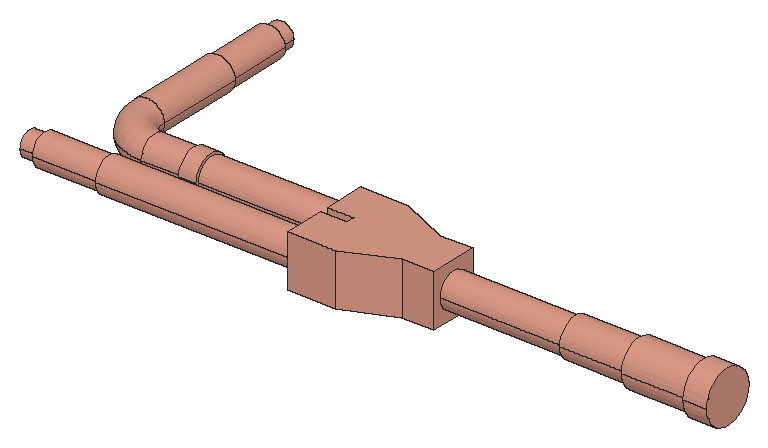
Revit family "outputfile", category 配管付属品, Revit 2024
Family settings
  丸型コネクタ寸法 = 半径を使用
  パーツ タイプ = 標準
  OmniClass 番号 = 23.65.55.00
  OmniClass タイトル = Distribution of Supplied Liquids/Gases
  作業面ベース = いいえ
  常に垂直 = はい
  ロード時にボイドで切り取り = いいえ
  共有 = いいえ
Parameters (values of type "BHFP22P100")
  Description = ""
  製造元 = "Daikin"
  書き出し IFC クラス(タイプ) = "IfcPipeFittingType"
  Default Elevation = 0.0 mm
  定義済み IFC タイプ(タイプ) = "JUNCTION"
  Cost = 0
  モデル = "BHFP22P100"
  Type Comments = ""
  Keynote = ""
  Type Image = (empty or 0)
  Assembly Code = ""
  table_PipeToCU_B [instance] = if(mm⇔inch, "Multi Module Kit_BHFP22P-_Liquid_PipeToCU_B", "Multi Module Kit_BHFP22P-_Liquid_PipeToCU_B_inch")  # "Multi Module Kit_BHFP22P-_Liquid_PipeToCU_B"
  table_PipeToCU_A [instance] = if(mm⇔inch, "Multi Module Kit_BHFP22P-_Liquid_PipeToCU_A", "Multi Module Kit_BHFP22P-_Liquid_PipeToCU_A_inch")  # "Multi Module Kit_BHFP22P-_Liquid_PipeToCU_A"
  table_ToMainPipe [instance] = if(mm⇔inch, "Multi Module Kit_BHFP22P-_Liquid_ToMainPipe", "Multi Module Kit_BHFP22P-_Liquid_ToMainPipe_inch")  # "Multi Module Kit_BHFP22P-_Liquid_ToMainPipe"
  switch_ToMainPipe3 [instance] = if(number_ToMainPipe < 3, 1 = 0, 1 = 1)  # yes
  switch_PipeToCU_B Reducer [instance] = if(and(Is_PipeToCU_B Reducer = 1, judge_IsOffsetPipe_ToOutdoorUnitB = 0), 1 = 1, 1 = 0)  # no
  switch_PipeToCU_B4 [instance] = if(number_PipeToCU_B < 4, 1 = 0, 1 = 1)  # no
  switch_PipeToCU_B3 [instance] = if(number_PipeToCU_B < 3, 1 = 0, 1 = 1)  # no
  switch_PipeToCU_B2 [instance] = if(number_PipeToCU_B < 2, 1 = 0, 1 = 1)  # yes
  switch_PipeToCU_A Reducer [instance] = if(Is_PipeToCU_A Reducer = 1, 1 = 1, 1 = 0)  # yes
  switch_ToMainPipe Reducer [instance] = if(Is_ToMainPipe Reducer = 1, 1 = 1, 1 = 0)  # no
  switch_ToMainPipe2 [instance] = if(number_ToMainPipe < 2, 1 = 0, 1 = 1)  # yes
  r_PipeToCU_B_ActualDiameter [instance] = PipeToCU_B_Liquid_ActualDiameter / 2  # 4.75 mm
  r_PipeToCU_A_ActualDiameter [instance] = PipeToCU_A_Liquid_ActualDiameter / 2  # 4.75 mm
  r_ToMainPipe_ActualDiameter [instance] = ToMainPipe_Liquid_ActualDiameter / 2  # 11.1 mm
  number_PipeToCU_B ReducerPipe [instance] = size_lookup(table_PipeToCU_B, "reducerPipeNumber", 0, モデル, judge_IsOffsetPipe_ToOutdoorUnitB, PipeToCU_B_Liquid_ActualDiameter)  # 0
  number_PipeToCU_B [instance] = size_lookup(table_PipeToCU_B, "pipeNumber", 2, モデル, judge_IsOffsetPipe_ToOutdoorUnitB, PipeToCU_B_Liquid_ActualDiameter)  # 2
  number_PipeToCU_A ReducerPipe [instance] = size_lookup(table_PipeToCU_A, "reducerPipeNumber", 3, モデル, PipeToCU_A_Liquid_ActualDiameter)  # 3
  number_ToMainPipe [instance] = size_lookup(table_ToMainPipe, "pipeNumber", 3, モデル, ToMainPipe_Liquid_ActualDiameter)  # 3
  mm⇔inch [instance] = yes
  l_ToMainPipe3 [instance] = size_lookup(table_ToMainPipe, "L_Pipe3", 11.0 mm, モデル)  # 11.0 mm
  judge_IsOffsetPipe_ToOutdoorUnitB [instance] = 0  # constant formula
  Unit Type = "BHFP22P-_Liquid"
  Uniclass2015Version = "Products v1.31"
  Uniclass2015Title = "Copper pipe fittings"
  Uniclass2015Code = "Pr_65_52_63_18"
  URL = ""
  ToMainPipe_Liquid_Status [instance] = size_lookup(table_ToMainPipe, "Information", "The connected pipe size is not available.", モデル, ToMainPipe_Liquid_ActualDiameter)  # "Default connector size is used."
  ToMainPipe_Liquid_ActualDiameter [instance] = 22.2 mm
  Tag No. [instance] = ""
  Series = "Multi Module kit"
  RotateBranchPipetoCU_A_80° [instance] = no
  PipeToCU_B_Liquid_Status [instance] = size_lookup(table_PipeToCU_B, "Information", "The connected pipe size is not available.", モデル, judge_IsOffsetPipe_ToOutdoorUnitB, PipeToCU_B_Liquid_ActualDiameter)  # "Default connector size is used."
  PipeToCU_B_Liquid_ActualDiameter [instance] = 9.5 mm
  PipeToCU_A_Liquid_Status [instance] = size_lookup(table_PipeToCU_A, "Information", "The connected pipe size is not available.", モデル, PipeToCU_A_Liquid_ActualDiameter)  # "Reducer is used at connector."
  PipeToCU_A_Liquid_ActualDiameter [instance] = 9.5 mm
  O.D_PipeToCU_B Reducer [instance] = size_lookup(table_PipeToCU_B, "O.D_reducer", 2.0 mm, モデル, judge_IsOffsetPipe_ToOutdoorUnitB, PipeToCU_B_Liquid_ActualDiameter)  # 2.0 mm
  Material_Piping = DAIKIN_Copper_Pipe
  Material_Insulation = DAIKIN_White_Insulation
  location_PipeToCU_A connector [instance] = size_lookup(table_PipeToCU_A, "Locationconnector", 107.0 mm, モデル, PipeToCU_A_Liquid_ActualDiameter)  # 107.0 mm
  l_PipeToCU_B connector [instance] = size_lookup(table_PipeToCU_B, "Length", 128.0 mm, モデル, judge_IsOffsetPipe_ToOutdoorUnitB, PipeToCU_B_Liquid_ActualDiameter)  # 128.0 mm
  l_PipeToCU_B Reducer [instance] = 80.0 mm  # constant formula
  l_PipeToCU_B4 [instance] = size_lookup(table_PipeToCU_B, "L_Pipe4", 2.0 mm, モデル)  # 2.0 mm
  l_PipeToCU_B3 [instance] = size_lookup(table_PipeToCU_B, "L_Pipe3", 2.0 mm, モデル)  # 2.0 mm
  l_PipeToCU_B2 [instance] = size_lookup(table_PipeToCU_B, "L_Pipe2", 7.0 mm, モデル)  # 7.0 mm
  l_PipeToCU_B1 [instance] = size_lookup(table_PipeToCU_B, "L_Pipe1", 30.0 mm, モデル)  # 30.0 mm
  l_PipeToCU_B0 [instance] = size_lookup(table_PipeToCU_B, "L_Pipe0", 91.0 mm, モデル)  # 91.0 mm
  l_PipeToCU_A connector [instance] = size_lookup(table_PipeToCU_A, "Length", 97.0 mm, モデル, PipeToCU_A_Liquid_ActualDiameter)  # 97.0 mm
  l_PipeToCU_A1 [instance] = size_lookup(table_PipeToCU_A, "L_Pipe1", 8.0 mm, モデル)  # 8.0 mm
  l_PipeToCU_A0 [instance] = size_lookup(table_PipeToCU_A, "L_Pipe0", 62.0 mm, モデル)  # 62.0 mm
  l_ToMainPipe connector [instance] = size_lookup(table_ToMainPipe, "Length", 128.0 mm, モデル, ToMainPipe_Liquid_ActualDiameter)  # 128.0 mm
  l_ToMainPipe Reducer [instance] = size_lookup(table_ToMainPipe, "L_Reducer", 2.0 mm, モデル, ToMainPipe_Liquid_ActualDiameter)  # 2.0 mm
  l_ToMainPipe2 [instance] = size_lookup(table_ToMainPipe, "L_Pipe2", 30.0 mm, モデル)  # 30.0 mm
  l_ToMainPipe1 [instance] = size_lookup(table_ToMainPipe, "L_Pipe1", 30.0 mm, モデル)  # 30.0 mm
  l_ToMainPipe0 [instance] = size_lookup(table_ToMainPipe, "L_Pipe0", 57.0 mm, モデル)  # 57.0 mm
  judge_JointType(1or2) = 2
  count_PipeToCU_B Reducer [instance] = 0  # constant formula
  count_PipeToCU_A Reducer [instance] = size_lookup(table_PipeToCU_A, "reducerCount", 1, モデル, PipeToCU_A_Liquid_ActualDiameter)  # 1
  angle_PipeToCU_A Pipe [instance] = if(RotateBranchPipetoCU_A_90°, 90.00°, if(RotateBranchPipetoCU_A_80°, 80.00°, 0.00°))  # 0.00°
  angle_PipeToCU_A Connector [instance] = angle_PipeToCU_A Pipe + 90.00°  # 90.00°
  PipeToCU_B_Liquid_AvailableDiameter [instance] = size_lookup(table_PipeToCU_B, "sizeVariation", "", モデル, judge_IsOffsetPipe_ToOutdoorUnitB)  # "9.5/12.7/15.9mm"
  PipeToCU_A_Liquid_AvailableDiameter [instance] = size_lookup(table_PipeToCU_A, "sizeVariation", "", モデル)  # "9.5/12.7/15.9mm"
  ToMainPipe_Liquid_AvailableDiameter [instance] = size_lookup(table_ToMainPipe, "sizeVariation", "", モデル)  # "9.5/12.7/15.9/19.1/22.2mm"
  RotateBranchPipetoCU_A_90° [instance] = no
  O.D_ToMainPipe Reducer [instance] = size_lookup(table_ToMainPipe, "O.D_reducer", 2.0 mm, モデル, ToMainPipe_Liquid_ActualDiameter)  # 2.0 mm
  Link_Nested Family [instance] = ""
  Is_PipeToCU_B Reducer [instance] = size_lookup(table_PipeToCU_B, "IsReducer", 0, モデル, judge_IsOffsetPipe_ToOutdoorUnitB, PipeToCU_B_Liquid_ActualDiameter)  # 0
  Is_PipeToCU_A Reducer [instance] = size_lookup(table_PipeToCU_A, "IsReducer", 1, モデル, PipeToCU_A_Liquid_ActualDiameter)  # 1
  Is_ToMainPipe Reducer [instance] = size_lookup(table_ToMainPipe, "IsReducer", 0, モデル, ToMainPipe_Liquid_ActualDiameter)  # 0
  IfcVersion = ""
  IfcExportType = "JUNCTION"
  IfcExportAs = "IfcPipeFittingType"
  I.D_ToMainPipe3 [instance] = size_lookup(table_ToMainPipe, "I.D_PipeSize3", 22.2 mm, モデル)  # 22.2 mm
  I.D_PipeToCU_B Reducer [instance] = size_lookup(table_PipeToCU_B, "I.D_reducer", 2.0 mm, モデル, judge_IsOffsetPipe_ToOutdoorUnitB, PipeToCU_B_Liquid_ActualDiameter)  # 2.0 mm
  Attach_Insulation [instance] = no
  I.D_PipeToCU_B4 [instance] = size_lookup(table_PipeToCU_B, "I.D_PipeSize4", 2.0 mm, モデル)  # 2.0 mm
  I.D_PipeToCU_B3 [instance] = size_lookup(table_PipeToCU_B, "I.D_PipeSize3", 2.0 mm, モデル)  # 2.0 mm
  I.D_PipeToCU_B2 [instance] = size_lookup(table_PipeToCU_B, "I.D_PipeSize2", 9.5 mm, モデル)  # 9.5 mm
  I.D_PipeToCU_B1 [instance] = size_lookup(table_PipeToCU_B, "I.D_PipeSize1", 12.7 mm, モデル)  # 12.7 mm
  I.D_PipeToCU_B0 [instance] = size_lookup(table_PipeToCU_B, "I.D_PipeSize0", 13.9 mm, モデル)  # 13.9 mm
  I.D_PipeToCU_A1 [instance] = 15.5 mm  # constant formula
  I.D_PipeToCU_A0 [instance] = 13.9 mm  # constant formula
  I.D_ToMainPipe Reducer [instance] = size_lookup(table_ToMainPipe, "I.D_reducer", 2.0 mm, モデル, ToMainPipe_Liquid_ActualDiameter)  # 2.0 mm
  I.D_ToMainPipe2 [instance] = size_lookup(table_ToMainPipe, "I.D_PipeSize2", 19.1 mm, モデル)  # 19.1 mm
  I.D_ToMainPipe1 [instance] = size_lookup(table_ToMainPipe, "I.D_PipeSize1", 15.9 mm, モデル)  # 15.9 mm
  I.D_ToMainPipe0 [instance] = size_lookup(table_ToMainPipe, "I.D_PipeSize0", 13.9 mm, モデル)  # 13.9 mm
Reference planes
  plane 1 "Center (Front/Back)": y = 0
  plane 2: z = 0
  plane 3 "pipe2": x = 225.65
  plane 4: x = 195.65
  plane 5: x = 165.65
  plane 6: x = 108.65
  plane 7: x = 48.65
  plane 8: x = -21.35
  plane 9: x = -42.35
  plane 10: x = -72.35
  plane 11: x = -79.35
  plane 12: x = -81.35
  plane 13: x = -83.35
  plane 14 "offset_center": y = 11.5
  plane 15: y = -11.5
  plane 16: x = -13.35
  plane 17: x = 158.65
  plane 18 "ToMainPipe_connector": x = 236.65
  plane 19 "connector_OutdoorunitA": x = -58.35
  plane 20 "connector_ToOutdoorUnitB": x = -104.35
  plane 21 "pipe3": x = 236.65
  plane 22 "connector_PipeToCU_B": x = -79.35
Forms (mm)
  Extrusion 1, solid, material "DAIKIN_Copper_Pipe" <- "Material_Piping"
    sketch origin (0, 0, 0) x (1, 0, 0) y (0, 1, 0)
      loop
        line (48.65, 1.998) -> (60.65, 1.998) -> (60.65, -1.998) -> (48.65, -1.998) -> (48.65, -21.2) -> (70.801, -21.2) -> (93.65, -11.3) -> (108.65, -11.3) -> (108.65, 11.3) -> (93.65, 11.3) -> (70.801, 21.2) -> (48.65, 21.2) -> (48.65, 1.998)
    from -12.2 to 12.2
Dimensions and locks
  locked: plane 6 to plane 17 at 50
  "l_PipeToCU_A1": plane 8 to plane 16
  "l_PipeToCU_B1": plane 10 to plane 9
  "l_PipeToCU_B2": plane 11 to plane 10
  "l_PipeToCU_B3": plane 12 to plane 11
  "l_PipeToCU_B4": plane 13 to plane 12
  locked: plane 7 to plane 6 at 60
  "l_ToMainPipe1": plane 5 to plane 4
  "l_ToMainPipe2": plane 4 to plane 3 "pipe2"
  "l_ToMainPipe0": plane 6 to plane 5
  "l_ToMainPipe connector": plane 6 to plane 18 "ToMainPipe_connector"
  plane 14 "offset_center" to plane 1 "Center (Front/Back)" to plane 15 = 11.5 mm locked, 11.5 mm locked
  locked: plane 1 "Center (Front/Back)" to Extrusion 1 sketch curve at 11.3  (x2)
  locked: Extrusion 1 sketch curve to plane 1 "Center (Front/Back)" at 21.2
  locked: plane 1 "Center (Front/Back)" to Extrusion 1 sketch curve at 21.2
  "l_PipeToCU_A0": plane 16 to plane 7
  "location_PipeToCU_A connector": plane 19 "connector_OutdoorunitA" to plane 7
  "l_PipeToCU_B0": plane 9 to plane 7
  "l_ToMainPipe3": plane 3 "pipe2" to plane 21 "pipe3"
  "l_PipeToCU_B connector": plane 22 "connector_PipeToCU_B" to plane 7
  aligned and locked: level to plane 2
  aligned and locked: plane 2 to nested 1
  aligned and locked: plane 1 "Center (Front/Back)" to nested 1
  aligned and locked: plane 3 "pipe2" to nested 1
  aligned and locked: plane 4 to nested 1
  aligned and locked: plane 4 to nested 2
  aligned and locked: plane 5 to nested 2
  aligned and locked: plane 5 to nested 3
  aligned and locked: plane 6 to nested 3
  aligned and locked: plane 6 to Extrusion 1
  aligned and locked: Extrusion 1 to plane 7  (x2)
  aligned and locked: plane 7 to nested 4
  aligned and locked: plane 8 to nested 5
  aligned and locked: plane 16 to nested 5
  aligned and locked: nested 5 to plane 14 "offset_center"
  aligned and locked: nested 6 to plane 15
  aligned and locked: plane 7 to nested 6
  aligned and locked: plane 9 to nested 6
  aligned and locked: plane 10 to nested 7
  aligned and locked: plane 9 to nested 7
  aligned and locked: plane 11 to nested 8
  aligned and locked: plane 10 to nested 8
  aligned and locked: plane 12 to nested 9
  aligned and locked: plane 11 to nested 9
  aligned and locked: plane 13 to nested 10
  aligned and locked: plane 12 to nested 10
  aligned and locked: nested 10 to plane 15
  aligned and locked: nested 9 to plane 15
  aligned and locked: nested 8 to plane 15
  aligned and locked: nested 7 to plane 15
  aligned and locked: plane 1 "Center (Front/Back)" to nested 11
  aligned and locked: plane 17 to nested 11
  aligned and locked: plane 16 to nested 4
  aligned and locked: nested 12 to plane 14 "offset_center"
  aligned and locked: plane 8 to nested 12
  aligned and locked: plane 1 "Center (Front/Back)" to nested 13
  aligned and locked: plane 18 "ToMainPipe_connector" to nested 13
  aligned and locked: plane 6 to nested 14
  aligned and locked: plane 1 "Center (Front/Back)" to nested 3
  aligned and locked: nested 15 to plane 7
  aligned and locked: nested 4 to plane 14 "offset_center"
  aligned and locked: plane 3 "pipe2" to nested 16
  aligned and locked: plane 21 "pipe3" to nested 16
  aligned and locked: nested 15 to plane 15
  aligned and locked: nested 17 to plane 22 "connector_PipeToCU_B"
  aligned and locked: plane 15 to nested 17
  aligned and locked: plane 14 "offset_center" to nested 18
  aligned and locked: nested 18 to plane 19 "connector_OutdoorunitA"
Automatic sketch dimensions
  Extrusion 1 sketch curve to plane 7 = 0.0 mm  (x2)
  Extrusion 1 sketch curve to plane 6 = 0.0 mm
  Extrusion 1 sketch curve to plane 1 "Center (Front/Back)" = 1.998 mm
  plane 7 to Extrusion 1 sketch curve = 12.0 mm
  Extrusion 1 sketch curve to Extrusion 1 sketch curve = 10.151 mm  (x2)
  Extrusion 1 sketch curve to Extrusion 1 sketch curve = 15.0 mm  (x2)
  plane 1 "Center (Front/Back)" to Extrusion 1 sketch curve = 1.998 mm
Nested families
  nested 1: "daikin_Pipe" at (210.65, 0, 0), I.D_Pipe <- "I.D_ToMainPipe2", display <- "switch_ToMainPipe2", type "*"
    with length_Pipe 30.0 mm, display yes, O.D_Pipe 21.1 mm, I.D_Pipe 19.1 mm
  nested 2: "daikin_Pipe" at (180.65, 0, 0), I.D_Pipe <- "I.D_ToMainPipe1", type "*"
    with length_Pipe 30.0 mm, display yes, O.D_Pipe 17.9 mm, I.D_Pipe 15.9 mm
  nested 3: "daikin_Pipe" at (137.15, 0, 0), I.D_Pipe <- "I.D_ToMainPipe0", type "*"
    with length_Pipe 57.0 mm, display yes, O.D_Pipe 15.9 mm, I.D_Pipe 13.9 mm
  nested 4: "daikin_Pipe" at (17.65, 11.5, 0), I.D_Pipe <- "I.D_PipeToCU_A0", type "*"
    with length_Pipe 62.0 mm, display yes, O.D_Pipe 15.9 mm, I.D_Pipe 13.9 mm
  nested 5: "daikin_Pipe" at (-17.35, 11.5, 0), I.D_Pipe <- "I.D_PipeToCU_A1", type "*"
    with length_Pipe 8.0 mm, display yes, O.D_Pipe 17.5 mm, I.D_Pipe 15.5 mm
  nested 6: "daikin_Pipe" at (3.15, -11.5, 0), I.D_Pipe <- "I.D_PipeToCU_B0", type "*"
    with length_Pipe 91.0 mm, display yes, O.D_Pipe 15.9 mm, I.D_Pipe 13.9 mm
  nested 7: "daikin_Pipe" at (-57.35, -11.5, 0), I.D_Pipe <- "I.D_PipeToCU_B1", type "*"
    with length_Pipe 30.0 mm, display yes, O.D_Pipe 14.7 mm, I.D_Pipe 12.7 mm
  nested 8: "daikin_Pipe" at (-75.85, -11.5, 0), I.D_Pipe <- "I.D_PipeToCU_B2", display <- "switch_PipeToCU_B2", type "*"
    with length_Pipe 7.0 mm, display yes, O.D_Pipe 11.5 mm, I.D_Pipe 9.5 mm
  nested 9: "daikin_Pipe" at (-80.35, -11.5, 0), display <- "switch_PipeToCU_B3", I.D_Pipe <- "I.D_PipeToCU_B3", visible <- "switch_PipeToCU_B3", type "*"
    with length_Pipe 2.0 mm, display no, O.D_Pipe 4.0 mm, I.D_Pipe 2.0 mm
  nested 10: "daikin_Pipe" at (-82.35, -11.5, 0), display <- "switch_PipeToCU_B4", I.D_Pipe <- "I.D_PipeToCU_B4", visible <- "switch_PipeToCU_B4", type "*"
    with length_Pipe 2.0 mm, display no, O.D_Pipe 4.0 mm, I.D_Pipe 2.0 mm
  nested 11: "daikin_MultiModeluKit_Insulation" at (158.65, 0, 0), display <- "Attach_Insulation", type "*"
    with h 54.2 mm, display no, I.D_Outlet PipeSize 22.2 mm
  nested 12: "daikin_Multi Module kit_Reducer90_rotate" at (-21.35, 11.5, 0), number_reducerPipe <- "number_PipeToCU_A ReducerPipe", angle_Pipe <- "angle_PipeToCU_A Pipe", I.D_Pipe <- "PipeToCU_A_Liquid_ActualDiameter", count_Reducer <- "count_PipeToCU_A Reducer", type "*"
    with number_reducerPipe 3, display_Pipe2 yes, display_Pipe1 yes, count_Reducer 1, angle_Pipe 0.00°, I.D_Pipe 9.5 mm
  nested 13: "daikin_Pipe_reducer" at (235.65, 0, 0), I.D_Pipe1 <- "I.D_ToMainPipe Reducer", O.D_Pipe2 <- "O.D_ToMainPipe Reducer", length_Pipe <- "l_ToMainPipe Reducer", display <- "switch_ToMainPipe Reducer", type "*"
    with length_Pipe 2.0 mm, display no, O.D_Pipe2 2.0 mm, O.D_Pipe1 4.0 mm, I.D_Pipe2 0.0 mm, I.D_Pipe1 2.0 mm
  nested 14: "daikin_connector_rotate3" at (108.65, 0, 0) x (0, 1, 0) z (0, 0, 1), length <- "l_ToMainPipe connector", type "daikin_connector_rotate3"
    with radius 10.0 mm, length 128.0 mm, angle_vertical 90.00°, angle_horizontal 0.00°, show_face no, show_circle no
  nested 15: "daikin_connector_rotate3" at (48.65, -11.5, 0) x (0, -1, 0) z (0, 0, 1), length <- "l_PipeToCU_B connector", type "daikin_connector_rotate3"
    with radius 10.0 mm, length 128.0 mm, angle_vertical 90.00°, angle_horizontal 0.00°, show_face no, show_circle no
  nested 16: "daikin_Pipe" at (231.15, 0, 0), display <- "switch_ToMainPipe3", I.D_Pipe <- "I.D_ToMainPipe3", type "*"
    with length_Pipe 11.0 mm, display yes, O.D_Pipe 24.2 mm, I.D_Pipe 22.2 mm
  nested 17: "daikin_Pipe_reducer" at (-39.35, -11.5, 0) x (-1, 0, 0) z (0, 0, 1), length_Pipe <- "l_PipeToCU_B Reducer", I.D_Pipe1 <- "I.D_PipeToCU_B Reducer", O.D_Pipe2 <- "O.D_PipeToCU_B Reducer", display <- "switch_PipeToCU_B Reducer", type "*"
    with length_Pipe 80.0 mm, display no, O.D_Pipe2 2.0 mm, O.D_Pipe1 4.0 mm, I.D_Pipe2 0.0 mm, I.D_Pipe1 2.0 mm
  nested 18: "daikin_connector_rotate3" at (-58.35, 11.5, 0) x (-1, 0, 0) z (0, 0, 1), angle_vertical <- "angle_PipeToCU_A Connector", length <- "l_PipeToCU_A connector", type "daikin_connector_rotate3"
    with radius 10.0 mm, length 97.0 mm, angle_vertical 90.00°, angle_horizontal 0.00°, show_face no, show_circle no
Connectors
  piping at (236.65, 0, 0), diameter 22.2, driven by "r_ToMainPipe_ActualDiameter"
    settings: on nested 14, index 1, connector inside diameter 609.6 mm, connector length 0.0 mm, flow factor 0, pipe flow 0.00 m³/h, pressure drop 0.0 Pa, fitting loss kfactor 0, connector angle 0.00°, fixture units 0, engagement length 0.0 mm, angle of deflection 0.00°, flow configuration 0, flow direction 2, fitting loss method 0, system type 29, joint type 0, gender type 0, connector reference index -1, connector utility 0, adjustable connector no, is connector primary yes, connector description "Multi Module kit_to Main Pipe_Liquid"
  piping at (-79.35, -11.5, 0), diameter 9.5, driven by "r_PipeToCU_B_ActualDiameter"
    settings: on nested 15, index 3, connector inside diameter 609.6 mm, connector length 0.0 mm, flow factor 0, pipe flow 0.00 m³/h, pressure drop 0.0 Pa, fitting loss kfactor 0, connector angle 0.00°, fixture units 0, engagement length 0.0 mm, angle of deflection 0.00°, flow configuration 0, flow direction 1, fitting loss method 0, system type 29, joint type 0, gender type 0, connector reference index -1, connector utility 0, adjustable connector no, is connector primary no, connector description "Multi Module kit_Piping to CU-B_Liquid"
  piping at (-58.35, 108.5, 0), diameter 9.5, driven by "r_PipeToCU_A_ActualDiameter"
    settings: on nested 18, index 4, connector inside diameter 609.6 mm, connector length 0.0 mm, flow factor 0, pipe flow 0.00 m³/h, pressure drop 0.0 Pa, fitting loss kfactor 0, connector angle 0.00°, fixture units 0, engagement length 0.0 mm, angle of deflection 0.00°, flow configuration 0, flow direction 1, fitting loss method 0, system type 29, joint type 0, gender type 0, connector reference index -1, connector utility 0, adjustable connector no, is connector primary no, connector description "Multi Module kit_Piping to CU-A_Liquid"
Definition of nested family "daikin_Pipe"
  Parameters (values of type "*")
    Default Elevation = 0.0 mm
    material = none
    length_Pipe [instance] = 150.0 mm
    display [instance] = yes
    O.D_Pipe [instance] = I.D_Pipe + 2.0 mm  # 27.0 mm
    I.D_Pipe [instance] = 25.0 mm
  Reference planes
    plane 1 "Center (Front/Back)": y = 0
    plane 2 "center(vertical)": z = 0
    plane 3 "Center (Left/Right)": x = 0
    plane 4 "left": x = -75
    plane 5 "right": x = 75
  Forms (mm)
    Extrusion 1, solid, material <- "material", visible <- "display"
      sketch origin (0, 0, 0) x (0, 1, 0) y (0, 0, 1)
        loop
          circle (0, 0) r 13.5
      from -75 to 75
  Dimensions and locks
    equal spacing: plane 4 "left", plane 3 "Center (Left/Right)", plane 5 "right"
    "length_Pipe": plane 4 "left" to plane 5 "right"
    "O.D_Pipe": diameter of Extrusion 1 sketch curve
    aligned and locked: level to plane 2 "center(vertical)"
    aligned and locked: plane 2 "center(vertical)" to Extrusion 1 sketch curve
    aligned and locked: plane 1 "Center (Front/Back)" to Extrusion 1 sketch curve
    aligned and locked: plane 5 "right" to Extrusion 1
    aligned and locked: Extrusion 1 to plane 4 "left"
Definition of nested family "daikin_Multi Module kit_Reducer90_rotate"
  Parameters (values of type "*")
    Default Elevation = 0.0 mm
    number_reducerPipe [instance] = 4
    material_Pipe = none
    display_Pipe2 [instance] = if(number_reducerPipe < 3, 1 = 0, 1 = 1)  # yes
    display_Pipe1 [instance] = if(number_reducerPipe < 2, 1 = 0, 1 = 1)  # yes
    count_Reducer [instance] = 0
    angle_Pipe [instance] = 30.00°
    I.D_Pipe [instance] = 0.0 mm
  Reference planes
    plane 1 "Center (Front/Back)": y = 0
    plane 2: z = 0
    plane 3 "Center (Left/Right)": x = 0
  Dimensions and locks
    "angle_Pipe": angle plane 2 to nested 1
    aligned and locked: level to plane 2
  Nested families
    nested 1: "daikin_Multi Module kit_Reducer90" at (0, 0, 0) x (1, 0, 0) z (0, -0.5, 0.866), display_Pipe2 <- "display_Pipe2", display_Pipe1 <- "display_Pipe1", I.D_connector <- "I.D_Pipe", count_Reducer <- "count_Reducer", type "*"
      with display_Reducer no, display_Pipe2 yes, display_Pipe1 yes, count_Reducer 0, I.D_connector 0.0 mm
  Definition of nested family "daikin_Multi Module kit_Reducer90"
    Parameters (values of type "*")
      Default Elevation = 0.0 mm
      material_Pipe = none
      display_Reducer [instance] = and(I.D_connector = 19.1 mm, count_Reducer = 2)  # no
      display_Pipe2 [instance] = yes
      display_Pipe1 [instance] = yes
      count_Reducer [instance] = 0
      O.D_Pipe2 = 9.5 mm + 2.0 mm  # 11.5 mm
      O.D_Pipe1 = 12.7 mm + 2.0 mm  # 14.7 mm
      O.D_Pipe0 = 15.9 mm  # constant formula
      I.D_connector [instance] = 0.0 mm
    Reference planes
      plane 1 "Center (Front/Back)": y = 0
      plane 2 "center_vertical": z = 0
      plane 3 "Center (Left/Right)": x = 0
      plane 4 "center_toOutdoor": x = -37
      plane 5: y = 60
      plane 6: y = 90
      plane 7: y = 97
    Forms (mm)
      Sweep 1, solid, material <- "material_Pipe"
        path origin (0, 0, 0) x (1, 0, 0) y (0, 1, 0)
          loop
            line (0, 0) -> (-18.241, 0)
            arc (-18.241, 0) -> (-31.506, 5.494) -> (-37, 18.759) r 18.759
            line (-37, 18.759) -> (-37, 60)
        profile origin (-9.12, 0, 0) x (0, -1, 0) y (0, 0, 1)
          loop
            circle (0, 0) r 7.95
      Extrusion 2, solid, material <- "material_Pipe", visible <- "display_Pipe1"
        sketch origin (0, 0, 0) x (1, 0, 0) y (0, 0, 1)
          loop
            circle (-37, 0) r 7.35
        from -90 to -60
      Extrusion 3, solid, material <- "material_Pipe", visible <- "display_Pipe2"
        sketch origin (75, -2.05, 0) x (1, 0, 0) y (0, 0, 1)
          loop
            circle (-112, 0) r 5.75
        from -99.05 to -92.05
    Lines and regions (mm)
      reference lines
        curve 1: line (0, 0, 0) -> (-37, 0, 0)
    Dimensions and locks
      plane 1 "Center (Front/Back)" to plane 5 = 60.0 mm
      plane 6 to plane 5 = 30.0 mm
      plane 7 to plane 6 = 7.0 mm
      plane 4 "center_toOutdoor" to plane 3 "Center (Left/Right)" = 37.0 mm
      "O.D_Pipe2": diameter of Extrusion 3 sketch curve
      "O.D_Pipe0": diameter of Sweep 1 sketch curve
      "O.D_Pipe1": diameter of Extrusion 2 sketch curve
      aligned and locked: level to plane 2 "center_vertical"
      aligned and locked: plane 6 to Extrusion 2
      aligned and locked: Extrusion 2 to plane 5
      aligned and locked: Extrusion 3 to plane 6
      aligned and locked: Sweep 1 sketch curve to plane 1 "Center (Front/Back)"
      aligned and locked: plane 3 "Center (Left/Right)" to curve 1
      aligned and locked: curve 1 to plane 1 "Center (Front/Back)"
      aligned and locked: plane 7 to Extrusion 3
      aligned and locked: plane 6 to nested 1
      aligned and locked: plane 4 "center_toOutdoor" to nested 1
    Automatic sketch dimensions
      Sweep 1 sketch curve to plane 4 "center_toOutdoor" = 0.0 mm
      Sweep 1 sketch curve to plane 3 "Center (Left/Right)" = 0.0 mm
      Sweep 1 sketch curve to plane 5 = 0.0 mm
      Sweep 1 sketch curve to plane 3 "Center (Left/Right)" = 18.241 mm
      curve 1 to plane 4 "center_toOutdoor" = 0.0 mm
      Sweep 1 sketch curve to level = 0.0 mm
      Sweep 1 sketch curve to profile plane = 0.0 mm
      Extrusion 2 sketch curve to level = 0.0 mm
      Extrusion 2 sketch curve to plane 4 "center_toOutdoor" = 0.0 mm
      Extrusion 3 sketch curve to level = 0.0 mm
      Extrusion 3 sketch curve to plane 4 "center_toOutdoor" = 0.0 mm
    Nested families
      nested 1: "daikin_Pipe_reducer" at (-37, 130, 0) x (0, 1, 0) z (0, 0, 1), display <- "display_Reducer", type "*"
        with length_Pipe 80.0 mm, display no, O.D_Pipe2 12.7 mm, O.D_Pipe1 21.1 mm, I.D_Pipe2 10.7 mm, I.D_Pipe1 19.1 mm
    Definition of nested family "daikin_Pipe_reducer"
      Parameters (values of type "*")
        Default Elevation = 0.0 mm
        material = none
        length_Pipe [instance] = 250.0 mm
        display [instance] = yes
        O.D_Pipe2 [instance] = 19.1 mm
        O.D_Pipe1 [instance] = I.D_Pipe1 + 2.0 mm  # 24.2 mm
        I.D_Pipe2 [instance] = O.D_Pipe2 - 2.0 mm  # 17.1 mm
        I.D_Pipe1 [instance] = 22.2 mm
      Reference planes
        plane 1 "Center (Front/Back)": y = 0
        plane 2 "center(vertical)": z = 0
        plane 3 "Center (Left/Right)": x = 0
        plane 4 "connection": x = -125
        plane 5 "right": x = 113
        plane 6: x = 125
      Forms (mm)
        Extrusion 1, solid, material <- "material", visible <- "display"
          sketch origin (0, 0, 0) x (0, 1, 0) y (0, 0, 1)
            loop
              circle (0, 0) r 9.55
          from -125 to 113
        Extrusion 2, solid, material <- "material", visible <- "display"
          sketch origin (0, 0, 0) x (0, 1, 0) y (0, 0, 1)
            loop
              circle (0, 0) r 12.1
          from 113 to 125
      Dimensions and locks
        locked: plane 5 "right" to plane 6 at 12
        "length_Pipe": plane 4 "connection" to plane 6
        equal spacing: plane 4 "connection", plane 3 "Center (Left/Right)", plane 6
        "O.D_Pipe2": diameter of Extrusion 1 sketch curve
        "O.D_Pipe1": diameter of Extrusion 2 sketch curve
        aligned and locked: level to plane 2 "center(vertical)"
        aligned and locked: plane 2 "center(vertical)" to Extrusion 1 sketch curve
        aligned and locked: plane 1 "Center (Front/Back)" to Extrusion 1 sketch curve
        aligned and locked: plane 5 "right" to Extrusion 1
        aligned and locked: Extrusion 1 to plane 4 "connection"
        aligned and locked: plane 2 "center(vertical)" to Extrusion 2 sketch curve
        aligned and locked: plane 1 "Center (Front/Back)" to Extrusion 2 sketch curve
        aligned and locked: Extrusion 2 to plane 5 "right"
        aligned and locked: plane 6 to Extrusion 2
Definition of nested family "daikin_MultiModeluKit_Insulation"
  Parameters (values of type "*")
    Default Elevation = 0.0 mm
    Model = ""
    material = none
    h [instance] = (I.D_Outlet PipeSize + 2.0 mm) + 30.0 mm  # 47.0 mm
    display [instance] = yes
    I.D_Outlet PipeSize [instance] = 15.0 mm
  Reference planes
    plane 1 "Center (Front/Back)": y = 0
    plane 2: z = 0
    plane 3 "Left": x = 0
    plane 4 "top": z = 23.5
    plane 5 "bottom": z = -23.5
  Forms (mm)
    Extrusion 1, solid, material <- "material", visible <- "display"
      sketch origin (0, 0, 0) x (1, 0, 0) y (0, 1, 0)
        loop
          line (0, -22.3) -> (0, 22.3) -> (-101, 45.79) -> (-187, 45.79) -> (-187, 6.128) -> (-257, 10) -> (-257, -45.79) -> (-101, -45.79) -> (0, -22.3)
      from -23.5 to 23.5
  Dimensions and locks
    equal spacing: plane 4 "top", plane 2, plane 5 "bottom"
    "h": plane 4 "top" to plane 5 "bottom"
    equal spacing: Extrusion 1 sketch curve, plane 1 "Center (Front/Back)", Extrusion 1 sketch curve
    locked: Extrusion 1 sketch curve to plane 3 "Left" at 101  (x2)
    locked: Extrusion 1 sketch curve to plane 3 "Left" at 187
    locked: Extrusion 1 sketch curve to plane 3 "Left" at 257
    aligned and locked: level to plane 2
    aligned and locked: plane 3 "Left" to Extrusion 1
    aligned and locked: Extrusion 1 to plane 5 "bottom"
    aligned and locked: plane 4 "top" to Extrusion 1
  Automatic sketch dimensions
    Extrusion 1 sketch curve to plane 3 "Left" = 0.0 mm
    plane 1 "Center (Front/Back)" to Extrusion 1 sketch curve = 45.79 mm
    plane 1 "Center (Front/Back)" to Extrusion 1 sketch curve = 22.3 mm
    Extrusion 1 sketch curve to plane 1 "Center (Front/Back)" = 45.79 mm
    Extrusion 1 sketch curve to plane 1 "Center (Front/Back)" = 10.0 mm
    Extrusion 1 sketch curve to plane 1 "Center (Front/Back)" = 6.128 mm
Definition of nested family "daikin_Pipe_reducer"
  Parameters (values of type "*")
    Default Elevation = 0.0 mm
    material = none
    length_Pipe [instance] = 250.0 mm
    display [instance] = yes
    O.D_Pipe2 [instance] = 19.1 mm
    O.D_Pipe1 [instance] = I.D_Pipe1 + 2.0 mm  # 24.2 mm
    I.D_Pipe2 [instance] = O.D_Pipe2 - 2.0 mm  # 17.1 mm
    I.D_Pipe1 [instance] = 22.2 mm
  Reference planes
    plane 1 "Center (Front/Back)": y = 0
    plane 2 "center(vertical)": z = 0
    plane 3 "Center (Left/Right)": x = 0
    plane 4 "connection": x = -125
    plane 5 "right": x = 113
    plane 6: x = 125
  Forms (mm)
    Extrusion 1, solid, material <- "material", visible <- "display"
      sketch origin (0, 0, 0) x (0, 1, 0) y (0, 0, 1)
        loop
          circle (0, 0) r 9.55
      from -125 to 113
    Extrusion 2, solid, material <- "material", visible <- "display"
      sketch origin (0, 0, 0) x (0, 1, 0) y (0, 0, 1)
        loop
          circle (0, 0) r 12.1
      from 113 to 125
  Dimensions and locks
    locked: plane 5 "right" to plane 6 at 12
    "length_Pipe": plane 4 "connection" to plane 6
    equal spacing: plane 4 "connection", plane 3 "Center (Left/Right)", plane 6
    "O.D_Pipe2": diameter of Extrusion 1 sketch curve
    "O.D_Pipe1": diameter of Extrusion 2 sketch curve
    aligned and locked: level to plane 2 "center(vertical)"
    aligned and locked: plane 2 "center(vertical)" to Extrusion 1 sketch curve
    aligned and locked: plane 1 "Center (Front/Back)" to Extrusion 1 sketch curve
    aligned and locked: plane 5 "right" to Extrusion 1
    aligned and locked: Extrusion 1 to plane 4 "connection"
    aligned and locked: plane 2 "center(vertical)" to Extrusion 2 sketch curve
    aligned and locked: plane 1 "Center (Front/Back)" to Extrusion 2 sketch curve
    aligned and locked: Extrusion 2 to plane 5 "right"
    aligned and locked: plane 6 to Extrusion 2
Definition of nested family "daikin_connector_rotate3"
  Parameters (values of type "daikin_connector_rotate3")
    Default Elevation = 1219.2 mm
    show_face = yes
    show_circle = yes
    radius [instance] = 10.0 mm
    length [instance] = 60.0 mm
    angle_horizontal [instance] = 60.00°
    angle_vertical [instance] = 90.00°
  Reference planes
    plane 1 "Center (Front/Back)": y = 0
    plane 2: z = 0
    plane 3 "Center (Left/Right)": x = 0
  Dimensions and locks
    "angle_horizontal": angle plane 3 "Center (Left/Right)" to nested 1
    aligned and locked: level to plane 2
    aligned and locked: plane 1 "Center (Front/Back)" to nested 1  (x2)
    aligned and locked: plane 3 "Center (Left/Right)" to nested 1
  Nested families
    nested 1: "daikin_connector_rotate2" at (0, 0, 0) x (0.5, 0.866, 0) z (0, 0, 1), angle_vertical <- "angle_vertical", length <- "length", radius <- "radius", type "daikin_connector_rotate2"
      with radius 10.0 mm, length 60.0 mm, angle_vertical 90.00°
  Definition of nested family "daikin_connector_rotate2"
    Parameters (values of type "daikin_connector_rotate2")
      Default Elevation = 0.0 mm
      show_face = yes
      show_circle = yes
      radius [instance] = 10.0 mm
      length [instance] = 60.0 mm
      d_surface = 10.0 mm
      angle_vertical [instance] = 90.00°
    Reference planes
      plane 1 "Center (Front/Back)": y = 0
      plane 2: z = 0
      plane 3 "Center (Left/Right)": x = 0
    Forms (mm)
      Extrusion 1, solid, visible <- "show_face"
        sketch origin (0, -60, 0) x (1, 0, 0) y (0, 0, 1)
          loop
            circle (0, 0) r 10
        from 0 to -10
    Lines and regions (mm)
      reference lines
        curve 1: line (0, 0, 0) -> (0, -60, 0)
      symbolic lines, visible <- "show_circle"
        curve 2: circle (0, 0, 0) r 5 normal (0, 0, 1)
      model lines, visible <- "show_face"
        curve 3: line (0, 0, 0) -> (0, -60, 0)
    Dimensions and locks
      "length": curve 1 to curve 1
      "length": curve 3 to curve 3
      "d_surface": Extrusion 1 to Extrusion 1
      "radius": radius of Extrusion 1 sketch curve
      "angle_vertical": angle curve 1 to plane 1 "Center (Front/Back)"
      "angle_vertical": angle curve 3 to plane 1 "Center (Front/Back)"
      aligned and locked: level to plane 2
      aligned and locked: plane 1 "Center (Front/Back)" to curve 1
      aligned and locked: plane 2 to curve 1
      aligned and locked: plane 1 "Center (Front/Back)" to curve 2
      aligned and locked: plane 3 "Center (Left/Right)" to curve 2
      aligned and locked: plane 1 "Center (Front/Back)" to curve 3
      aligned and locked: plane 2 to curve 3
      aligned and locked: Extrusion 1 to Extrusion 1
    Automatic sketch dimensions
      Extrusion 1 sketch curve to level = 0.0 mm
      Extrusion 1 sketch curve to plane 3 "Center (Left/Right)" = 0.0 mm
      radius of curve 2 = 5.0 mm
